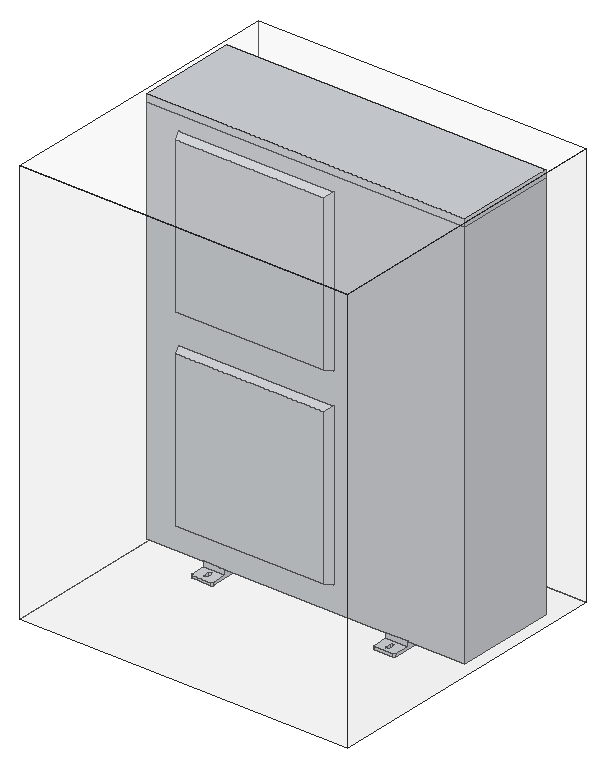
Revit family "puz-hrmp80_160ka7_50hz", category 機械設備, Revit 2019
Family settings
  丸型コネクタ寸法 = 直径を使用
  パーツ タイプ = 標準
  OmniClass 番号 = 23.75.10.24.21.27.27
  OmniClass タイトル = Split System Air Conditioning Units
  作業面ベース = いいえ
  常に垂直 = はい
  ロード時にボイドで切り取り = いいえ
  共有 = いいえ
  部屋計算ポイント = いいえ
Parameters (values of type "室外機_PUZ-HRMP80KA7 (-BS,BSG)")
  音響パワーレベル（冷）(dB) = 66
  音響パワーレベル(dB) = 68
  電源種別 = ""
  電源位置Y = 2 mm
  電源位置Z = 1063 mm
  電源位置X = 325 mm
  電圧 = 200 V
  電動機出力_送風機 = 0.12 kW
  電動機出力_圧縮機 = 1.5 kW
  集中コントローラ [instance] = ""
  運転質量 = 0.00 kg
  運転方法 = "冷暖切替"
  質量 = if(製品質量 > 運転質量, 製品質量, 運転質量) * 1.2  # 135.60 kg
  負荷分類 = 1_熱源類
  説明 = "空冷H/P PAC インバータ室外機"
  設計暖房能力 [instance] = 0 kW
  設計冷房能力_顕熱 [instance] = 0 kW
  設計冷房能力 [instance] = 0 kW
  設置方法 = "床置形"
  記号 [instance] = ""
  製造元 = "三菱電機株式会社"
  製品質量 = 113.00 kg
  製品出荷対象 = "国内"
  製品リリース年月 = ""
  製品グループ = ""
  系統 [instance] = ""
  符号 = "PAC"
  積算_科目 = "1 空気調和設備"
  積算_拾い区分 [instance] = ""
  相 = 3
  盤記号 [instance] = ""
  発停方法 = "付属スイッチ"
  特殊仕様 [instance] = ""
  消費電力_暖房 = 1.92 kW
  消費電力_冷房 = 1.77 kW
  消費電力 = if(消費電力_冷房 > 消費電力_暖房, 消費電力_冷房, 消費電力_暖房)  # 1.92 kW
  法定耐用年数 = "6"
  構成品番 = "PUZ-HRMP80KA7 (-BS,-BSG)"
  極数 = 3
  材質 [instance] = ""
  本体マテリアル = none
  最小電線太さ_mm2 = 1.6
  最大電流値 = 0 A
  暖房能力 = 8 kW
  推奨ブレーカー容量 = 30 A
  据付ピッチ1 = 0 mm
  形式 = "パッケージ形 室外機"
  形名 = PUZ-ZRMP-3 : PUZ-ZRMP112KA11
  幹線記号 [instance] = ""
  始動方式 = "インバータ始動方式"
  呼称 = "パッケージ形空気調和機_室外機"
  周波数 = 50 Hz
  価格 = 0
  ドレン　位置Z = 23 mm
  ドレン　位置Y = 176 mm
  ドレン　位置X = 45 mm
  アンカーボルト位置Y = 370 mm
  アンカーボルト位置X = 600 mm
  参照している仕様書等のバージョン = "公共建築物標準仕様書（機械設備工事編）平成31年度版"
  分類コード = "50053003126100"
  分類グループ = ""
  冷房能力 = 7.1 kW
  冷媒管（ガス）位置X = 483 mm
  冷媒管（液）位置X = 423 mm
  冷媒管（液）位置Y = 290 mm
  冷媒管（ガス）位置Y = 234 mm
  冷媒管長 [instance] = 0 mm
  冷媒管径符号 = "Bd"
  冷媒管径 = 100.00 mm
  冷媒管位置Z = 450 mm
  冷媒管位置Y = (冷媒管（液）位置Y + 冷媒管（ガス）位置Y) / 2  # 262 mm
  冷媒管位置X = (冷媒管（液）位置X + 冷媒管（ガス）位置X) / 2  # 453 mm
  冷媒液管径 = 9.52 mm
  冷媒ガス管径 = 15.88 mm
  企業コード = "108420"
  付属品 [instance] = ""
  仕様書バージョン = "Version1.0"
  ユニット数 = 1
  Model = ""
  ドレン管径 = 33.00 mm
  サービススペース = yes
  コメント [instance] = ""
  ケーブル種類1 = ""
  【値が 0 の項目は組合せ形名にてご確認ください】 = ""
  Width = 1050 mm
  Version = ""
  Uniclass2015Version = "Systems v1.9"
  Uniclass2015Title = "Split coil remote air cooled condensing units"
  Uniclass2015Code = "Pr_70_65_03_84"
  URL = "https://www.mitsubishielectric.co.jp/ldg/wink/ssl/top.do"
  SpecificationReference = ""
  SpecificationDescription = ""
  Revision = ""
  ProductInformation = ""
  OmniClassCode = "23-33 17 13 11"
  IfcTypeProduct = ""
  IfcProduct = ""
  IfcExportType = "AIRCONDITIONINGUNIT"
  IfcExportAs = "IfcUnitaryEquipmentType"
  Height = 1338 mm
  Depth = 330 mm
  Clearance Top = 0 mm
  Clearance Right = 15 mm
  Clearance Left = 15 mm
  Clearance Front = 500 mm
  Clearance Bottom = 0 mm
  Clearance Back = 150 mm
  COP = 0
  Author = "三菱電機株式会社"
  APF = 0
Reference planes
  plane 1 "中心(正面/背面)": y = 74
  plane 2: z = 0
  plane 3 "中心(左/右)": x = 830
  plane 4 "右": x = 1355
  plane 5 "左": x = 305
  plane 6 "背面": y = 239
  plane 7 "正面": y = -91
  plane 8 "上部": z = 1338
  plane 9 "Clearanse Top": z = 1338
  plane 10 "SS_back": y = 389
  plane 11 "SS_front": y = -591
  plane 12 "SS_left": x = 290
  plane 13 "SS_right": x = 1370
  plane 14: z = 0
  plane 15: y = -89
  plane 16: x = 1155
  plane 17: z = 1063
  plane 18: y = -87
  plane 19: y = -23
  plane 20: x = 1283
  plane 21: z = 450
  plane 22: z = 452
  plane 23: y = 63
  plane 24: x = 350
  plane 25: z = 25
  plane 26: z = 23
  plane 27: x = 530
  plane 28: x = 1130
  plane 29: y = 259
  plane 30: y = -111
Forms (mm)
  Extrusion 1, solid, detail levels fine
    sketch origin (0, -91, 0) x (1, 0, 0) y (0, 0, 1)
      loop
        circle (1155, 1063) r 13.5
    from -4 to -2
  Extrusion 2, solid, detail levels fine
    sketch origin (-1437.329, -1524, 54) x (-1, 0, 0) y (0, -1, 0)
      loop
        circle (-2720.329, -1501) r 50
    from 396 to 398
  Extrusion 3, solid, detail levels fine
    sketch origin (-1437.329, -1524, 54) x (-1, 0, 0) y (0, -1, 0)
      loop
        circle (-1787.329, -1587) r 16.5
    from -31 to -29
Lines and regions (mm)
  model lines, not visible
    curve 1: line (460, 178.667, 1289.179) -> (460, 297.73, 1289.179)
    curve 2: line (460, 178.667, 1056.056) -> (460, 178.667, 1289.179)
    curve 3: line (460, 297.73, 1056.056) -> (460, 178.667, 1056.056)
    curve 4: line (460, 297.73, 1289.179) -> (460, 297.73, 1056.056)
    curve 5: line (460, 47.598, 1289.179) -> (460, 166.661, 1289.179)
    curve 6: line (460, 47.598, 1056.056) -> (460, 47.598, 1289.179)
    curve 7: line (460, 166.661, 1056.056) -> (460, 47.598, 1056.056)
    curve 8: line (460, 166.661, 1289.179) -> (460, 166.661, 1056.056)
    curve 9: line (460, -83.471, 1289.179) -> (460, 35.592, 1289.179)
    curve 10: line (460, -83.471, 1056.056) -> (460, -83.471, 1289.179)
    curve 11: line (460, 35.592, 1056.056) -> (460, -83.471, 1056.056)
    curve 12: line (460, 35.592, 1289.179) -> (460, 35.592, 1056.056)
    curve 13: line (460, -150.779, 1289.179) -> (460, -95.75, 1289.179)
    curve 14: line (460, -150.779, 1056.056) -> (460, -150.779, 1289.179)
    curve 15: line (460, -95.75, 1056.056) -> (460, -150.779, 1056.056)
    curve 16: line (460, -95.75, 1289.179) -> (460, -95.75, 1056.056)
    curve 17: line (460, -150.779, 1283.175) -> (460, -132.596, 1283.175)
    curve 18: line (460, -150.779, 1062.059) -> (460, -150.779, 1283.175)
    curve 19: line (460, -132.596, 1062.059) -> (460, -150.779, 1062.059)
    curve 20: line (460, -132.596, 1283.175) -> (460, -132.596, 1062.059)
    curve 21: line (460, 178.667, 1046.051) -> (460, 297.73, 1046.051)
    curve 22: line (460, 178.667, 812.928) -> (460, 178.667, 1046.051)
    curve 23: line (460, 297.73, 812.928) -> (460, 178.667, 812.928)
    curve 24: line (460, 297.73, 1046.051) -> (460, 297.73, 812.928)
    curve 25: line (460, 47.598, 1046.051) -> (460, 166.661, 1046.051)
    curve 26: line (460, 47.598, 812.928) -> (460, 47.598, 1046.051)
    curve 27: line (460, 166.661, 812.928) -> (460, 47.598, 812.928)
    curve 28: line (460, 166.661, 1046.051) -> (460, 166.661, 812.928)
    curve 29: line (460, -83.471, 1046.051) -> (460, 35.592, 1046.051)
    curve 30: line (460, -83.471, 812.928) -> (460, -83.471, 1046.051)
    curve 31: line (460, 35.592, 812.928) -> (460, -83.471, 812.928)
    curve 32: line (460, 35.592, 1046.051) -> (460, 35.592, 812.928)
    curve 33: line (460, -150.779, 1046.051) -> (460, -95.75, 1046.051)
    curve 34: line (460, -150.779, 812.928) -> (460, -150.779, 1046.051)
    curve 35: line (460, -95.75, 812.928) -> (460, -150.779, 812.928)
    curve 36: line (460, -95.75, 1046.051) -> (460, -95.75, 812.928)
    curve 37: line (460, -150.779, 1040.048) -> (460, -132.596, 1040.048)
    curve 38: line (460, -150.779, 818.931) -> (460, -150.779, 1040.048)
    curve 39: line (460, -132.596, 818.931) -> (460, -150.779, 818.931)
    curve 40: line (460, -132.596, 1040.048) -> (460, -132.596, 818.931)
    curve 41: line (460, 178.667, 802.923) -> (460, 297.73, 802.923)
    curve 42: line (460, 178.667, 569.8) -> (460, 178.667, 802.923)
    curve 43: line (460, 297.73, 569.8) -> (460, 178.667, 569.8)
    curve 44: line (460, 297.73, 802.923) -> (460, 297.73, 569.8)
    curve 45: line (460, 47.598, 802.923) -> (460, 166.661, 802.923)
    curve 46: line (460, 47.598, 569.8) -> (460, 47.598, 802.923)
    curve 47: line (460, 166.661, 569.8) -> (460, 47.598, 569.8)
    curve 48: line (460, 166.661, 802.923) -> (460, 166.661, 569.8)
    curve 49: line (460, -83.471, 802.923) -> (460, 35.592, 802.923)
    curve 50: line (460, -83.471, 569.8) -> (460, -83.471, 802.923)
    curve 51: line (460, 35.592, 569.8) -> (460, -83.471, 569.8)
    curve 52: line (460, 35.592, 802.923) -> (460, 35.592, 569.8)
    curve 53: line (460, -150.779, 802.923) -> (460, -95.75, 802.923)
    curve 54: line (460, -150.779, 569.8) -> (460, -150.779, 802.923)
    curve 55: line (460, -95.75, 569.8) -> (460, -150.779, 569.8)
    curve 56: line (460, -95.75, 802.923) -> (460, -95.75, 569.8)
    curve 57: line (460, -150.779, 796.92) -> (460, -132.596, 796.92)
    curve 58: line (460, -150.779, 575.803) -> (460, -150.779, 796.92)
    curve 59: line (460, -132.596, 575.803) -> (460, -150.779, 575.803)
    curve 60: line (460, -132.596, 796.92) -> (460, -132.596, 575.803)
    curve 61: line (460, 178.667, 559.795) -> (460, 297.73, 559.795)
    curve 62: line (460, 178.667, 326.672) -> (460, 178.667, 559.795)
    curve 63: line (460, 297.73, 326.672) -> (460, 178.667, 326.672)
    curve 64: line (460, 297.73, 559.795) -> (460, 297.73, 326.672)
    curve 65: line (460, 47.598, 559.795) -> (460, 166.661, 559.795)
    curve 66: line (460, 47.598, 326.672) -> (460, 47.598, 559.795)
    curve 67: line (460, 166.661, 326.672) -> (460, 47.598, 326.672)
    curve 68: line (460, 166.661, 559.795) -> (460, 166.661, 326.672)
    curve 69: line (460, -83.471, 559.795) -> (460, 35.592, 559.795)
    curve 70: line (460, -83.471, 326.672) -> (460, -83.471, 559.795)
    curve 71: line (460, 35.592, 326.672) -> (460, -83.471, 326.672)
    curve 72: line (460, 35.592, 559.795) -> (460, 35.592, 326.672)
    curve 73: line (460, -150.779, 559.795) -> (460, -95.75, 559.795)
    curve 74: line (460, -150.779, 326.672) -> (460, -150.779, 559.795)
    curve 75: line (460, -95.75, 326.672) -> (460, -150.779, 326.672)
    curve 76: line (460, -95.75, 559.795) -> (460, -95.75, 326.672)
    curve 77: line (460, -150.779, 553.792) -> (460, -132.596, 553.792)
    curve 78: line (460, -150.779, 332.675) -> (460, -150.779, 553.792)
    curve 79: line (460, -132.596, 332.675) -> (460, -150.779, 332.675)
    curve 80: line (460, -132.596, 553.792) -> (460, -132.596, 332.675)
    curve 81: line (460, 178.667, 316.667) -> (460, 297.73, 316.667)
    curve 82: line (460, 178.667, 83.544) -> (460, 178.667, 316.667)
    curve 83: line (460, 297.73, 83.544) -> (460, 178.667, 83.544)
    curve 84: line (460, 297.73, 316.667) -> (460, 297.73, 83.544)
    curve 85: line (460, 47.598, 316.667) -> (460, 166.661, 316.667)
    curve 86: line (460, 47.598, 83.544) -> (460, 47.598, 316.667)
    curve 87: line (460, 166.661, 83.544) -> (460, 47.598, 83.544)
    curve 88: line (460, 166.661, 316.667) -> (460, 166.661, 83.544)
    curve 89: line (460, -83.471, 316.667) -> (460, 35.592, 316.667)
    curve 90: line (460, -83.471, 83.544) -> (460, -83.471, 316.667)
    curve 91: line (460, 35.592, 83.544) -> (460, -83.471, 83.544)
    curve 92: line (460, 35.592, 316.667) -> (460, 35.592, 83.544)
    curve 93: line (460, -150.779, 316.667) -> (460, -95.75, 316.667)
    curve 94: line (460, -150.779, 83.544) -> (460, -150.779, 316.667)
    curve 95: line (460, -95.75, 83.544) -> (460, -150.779, 83.544)
    curve 96: line (460, -95.75, 316.667) -> (460, -95.75, 83.544)
    curve 97: line (460, -150.779, 310.664) -> (460, -132.596, 310.664)
    curve 98: line (460, -150.779, 89.547) -> (460, -150.779, 310.664)
    curve 99: line (460, -132.596, 89.547) -> (460, -150.779, 89.547)
    curve 100: line (460, -132.596, 310.664) -> (460, -132.596, 89.547)
Dimensions and locks
  equal spacing: plane 7 "正面", plane 1 "中心(正面/背面)", plane 6 "背面"
  "Depth": plane 7 "正面" to plane 6 "背面"
  "Width": plane 5 "左" to plane 4 "右"
  equal spacing: plane 5 "左", plane 3 "中心(左/右)", plane 4 "右"
  "Clearance Left": plane 12 "SS_left" to plane 5 "左"
  "Clearance Right": plane 4 "右" to plane 13 "SS_right"
  "Clearance Back": plane 6 "背面" to plane 10 "SS_back"
  "Clearance Front": plane 11 "SS_front" to plane 7 "正面"
  "Height": plane 8 "上部" to level
  "Clearance Top": plane 9 "Clearanse Top" to plane 8 "上部"
  "Clearance Bottom": level to plane 14
  "電源位置X": plane 3 "中心(左/右)" to plane 16
  "電源位置Y": plane 7 "正面" to plane 15
  "電源位置Z": plane 17 to level
  locked: plane 15 to plane 18 at 2
  "冷媒管位置X": plane 3 "中心(左/右)" to plane 20
  "冷媒管位置Y": plane 19 to plane 6 "背面"
  "冷媒管位置Z": plane 21 to level
  locked: plane 22 to plane 21 at 2
  "ドレン　位置X": plane 5 "左" to plane 24
  "ドレン　位置Y": plane 23 to plane 6 "背面"
  locked: plane 25 to plane 26 at 2
  "ドレン　位置Z": plane 26 to level
  equal spacing: plane 30, plane 1 "中心(正面/背面)", plane 29
  "アンカーボルト位置Y": plane 30 to plane 29
  equal spacing: plane 27, plane 3 "中心(左/右)", plane 28
  "アンカーボルト位置X": plane 27 to plane 28
  radius of Extrusion 1 sketch curve = 13.5 mm
  "冷媒管径": diameter of Extrusion 2 sketch curve
  "ドレン管径": diameter of Extrusion 3 sketch curve
  aligned and locked: level to plane 2
  aligned and locked: plane 10 "SS_back" to nested 1  (x2)
  aligned and locked: plane 13 "SS_right" to nested 1
  aligned and locked: plane 12 "SS_left" to nested 1  (x2)
  aligned and locked: nested 1 to plane 13 "SS_right"
  aligned and locked: plane 11 "SS_front" to nested 1
  aligned and locked: plane 9 "Clearanse Top" to nested 1
  aligned and locked: plane 1 "中心(正面/背面)" to nested 2
  aligned and locked: plane 3 "中心(左/右)" to nested 2
  aligned and locked: plane 14 to nested 1
  aligned and locked: plane 17 to Extrusion 1 sketch curve
  aligned and locked: plane 16 to Extrusion 1 sketch curve
  aligned and locked: Extrusion 1 to plane 18
  aligned and locked: plane 15 to Extrusion 1
  aligned and locked: plane 19 to Extrusion 2 sketch curve
  aligned and locked: plane 20 to Extrusion 2 sketch curve
  aligned and locked: plane 22 to Extrusion 2
  aligned and locked: Extrusion 2 to plane 21
  aligned and locked: plane 24 to Extrusion 3 sketch curve
  aligned and locked: plane 23 to Extrusion 3 sketch curve
  aligned and locked: plane 25 to Extrusion 3
  aligned and locked: Extrusion 3 to plane 26
  aligned and locked: plane 27 to nested 3
  aligned and locked: plane 29 to nested 3
Nested families
  nested 1: "サービススペース" at (830, -101, 669), visible <- "サービススペース", type "サービススペース"
    with Width 1080 mm, Height 1338 mm, Depth 980 mm
  nested 2: "PUZ-ZRMP-3" at (830, 74, 0), type <- "形名", type "PUZ-ZRMP112KA11"
  nested 3: "固定点" at (530, -111, 0), type "固定点"
    with W 600 mm, D 370 mm
Connectors
  piping at (1283, -23, 450), diameter 100, driven by "冷媒管径", driven by "冷媒管径符号"
    settings: on Extrusion 2, index 1, connector inside diameter 609.60 mm, connector length 0 mm, flow factor 0, pipe flow 0.0 L/s, pressure drop 0.0 Pa, fitting loss kfactor 0, connector angle 0.00°, fixture units 0, engagement length 0 mm, angle of deflection 0.00°, flow configuration 1, flow direction 2, fitting loss method 4, system type 7, joint type 0, gender type 0, connector reference index -1, connector utility 0, adjustable connector no, is connector primary yes, connector description "Bd"
  electrical at (1155, -89, 1063), driven by "極数", driven by "負荷分類", driven by "電圧", driven by "消費電力"
    settings: on Extrusion 1, index 2, voltage 200 V, apparent load 1920 VA, apparent load phase1 0 VA, apparent load phase2 0 VA, apparent load phase3 0 VA, power factor 1, load classification "1_熱源類", number of poles 3, system type 30, power factor state 1, is connector primary yes, connector utility no, sub classification motor no, connector description ""
Definition of nested family "サービススペース"
  Parameters (values of type "サービススペース")
    Width [instance] = 500 mm
    Height [instance] = 500 mm
    Depth [instance] = 500 mm
  Reference planes
    plane 1 "中心(正面/背面)": y = 0
    plane 2: z = 0
    plane 3 "中心(左/右)": x = 0
    plane 4: y = -250
    plane 5: x = 250
    plane 6: y = 250
    plane 7: x = -250
    plane 8: z = 250
    plane 9: z = -250
  Forms (mm)
    Extrusion 1, solid
      sketch origin (-638.939, 0, 72.39) x (1, 0, 0) y (0, 1, 0)
        loop
          line (388.939, 250) -> (388.939, -250) -> (888.939, -250) -> (888.939, 250) -> (388.939, 250)
      from -322.39 to 177.61
  Lines and regions (mm)
    symbolic lines
      curve 1: line (-250, 0, 250) -> (250, 0, 250)
      curve 2: line (-250, 0, -250) -> (-250, 0, 250)
      curve 3: line (250, 0, -250) -> (-250, 0, -250)
      curve 4: line (250, 0, 250) -> (250, 0, -250)
      curve 5: line (0, -250, 250) -> (0, 250, 250)
      curve 6: line (0, -250, -250) -> (0, -250, 250)
      curve 7: line (0, 250, -250) -> (0, -250, -250)
      curve 8: line (0, 250, 250) -> (0, 250, -250)
      curve 9: line (-250, 250, 0) -> (250, 250, 0)
      curve 10: line (-250, -250, 0) -> (-250, 250, 0)
      curve 11: line (250, -250, 0) -> (-250, -250, 0)
      curve 12: line (250, 250, 0) -> (250, -250, 0)
  Dimensions and locks
    equal spacing: plane 7, plane 3 "中心(左/右)", plane 5
    equal spacing: plane 4, plane 1 "中心(正面/背面)", plane 6
    "Depth": plane 4 to plane 6
    "Width": plane 7 to plane 5
    equal spacing: plane 8, plane 2, plane 9
    "Height": plane 8 to plane 9
    aligned and locked: plane 9 to curve 3
    aligned and locked: plane 7 to curve 2
    aligned and locked: curve 4 to plane 5
    aligned and locked: plane 5 to Extrusion 1
    aligned and locked: Extrusion 1 to plane 7
    aligned and locked: Extrusion 1 to plane 9
    aligned and locked: plane 8 to Extrusion 1
    aligned and locked: plane 9 to curve 7
  Automatic sketch dimensions
    plane 4 to Extrusion 1 sketch curve = 0 mm
    Extrusion 1 sketch curve to plane 7 = 0 mm
    Extrusion 1 sketch curve to plane 5 = 0 mm
    plane 6 to Extrusion 1 sketch curve = 0 mm
    curve 2 to plane 8 = 0 mm
    plane 4 to curve 11 = 0 mm
    curve 11 to plane 7 = 0 mm
    curve 11 to plane 5 = 0 mm
    plane 6 to curve 10 = 0 mm
    curve 7 to plane 4 = 0 mm
    curve 7 to plane 6 = 0 mm
    curve 6 to plane 8 = 0 mm
Definition of nested family "PUZ-ZRMP-3"
  Parameters (values of type "PUZ-ZRMP112KA11")
    配線取出口サイズ = 27 mm
    配線取出口-Z = 1063 mm
    配線取出口-Y = 325 mm
    配線取出口-X = 325 mm
    液配管サイズ = 100 mm
    高さ = 1338 mm
    換気-W = 362 mm
    換気-H2 = 632 mm
    換気-H1 = 369 mm
    換気-D = 25 mm
    奥行き = 330 mm
    吊りボルト_H = 0 mm
    吊りボルト-φ = 12 mm
    冷媒配管サイズ = 9.52 mm
    冷媒液管径-Z = 450 mm
    冷媒液管径-Y = 290 mm
    冷媒液管径-X = 423 mm
    冷媒ガス管径-Z = 421 mm
    冷媒ガス管径-Y = 234 mm
    冷媒ガス管径-X = 483 mm
    吊りボルト-W = 600 mm
    マテリアル = none
    ドレン配管サイズ = 33 mm
    ドレン管径-Z = 0 mm
    ドレン管径-Y = 154 mm
    ドレン管径-X = 480 mm
    タイプ3 = yes
    タイプ2 = no
    タイプ1 = no
    ガス配管サイズ = 15.88 mm
    吊りボルト-D = 370 mm
    幅さ = 1050 mm
    a = 幅さ / 2  # 525 mm
  Reference planes
    plane 1 "中心(正面/背面)": y = 0
    plane 2: z = 0
    plane 3 "中心(左/右)": x = 0
    plane 4: z = 1338
    plane 5: x = -525
    plane 6: x = 525
    plane 7: y = 165
    plane 8: y = -165
    plane 9: x = 587
    plane 10: y = -105
    plane 11: y = 5
    plane 12: z = 1313
    plane 13: x = -545
    plane 14: x = -300
    plane 15: x = 300
    plane 16: y = 185
    plane 17: y = -185
    plane 18: x = 335
    plane 19: x = 265
    plane 20: x = -265
    plane 21: x = -335
    plane 22: y = 204
    plane 23: y = -218
    plane 24: z = 8.5
    plane 25: z = 25
    plane 26: z = 23
    plane 27: z = 1333
    plane 28: y = -40
    plane 29: y = 40
    plane 30: y = -30
    plane 31: y = 30
    plane 32: z = 1318
    plane 33: z = 55
    plane 34: z = 225
    plane 35: z = 570
    plane 36: x = 535
    plane 37: x = 556
    plane 38: y = -190
    plane 39: x = -163
    plane 40: z = 369
    plane 41: x = 91
    plane 42: x = -417
    plane 43: z = 633
    plane 44: z = 105
    plane 45: x = -407
    plane 46: x = 81
    plane 47: z = 623
    plane 48: z = 115
    plane 49: y = 115
    plane 50: y = -115
    plane 51: x = -480
    plane 52: y = -11
    plane 53: x = 483
    plane 54: x = 325
    plane 55: y = -160
    plane 56: y = -125
    plane 57: y = -69
    plane 58: x = 423
    plane 59: z = 421
    plane 60: z = 450
    plane 61: z = 1063
    plane 62: y = -110
    plane 63: z = 550
    plane 64: z = 550
    plane 65: x = 453
    plane 66: y = -97
    plane 67 "グループ": x = -525
    plane 68: z = 1338
    plane 69: z = 943
    plane 70: z = 1001
    plane 71: z = 1265
    plane 72: z = 737
    plane 73: z = 1255
    plane 74: z = 747
    plane 75: y = 125
    plane 76: x = -370
    plane 77: x = -210
    plane 78: x = -50
    plane 79: x = 110
  Forms (mm)
    Extrusion 1, solid, visible <- "タイプ3", detail levels fine
      sketch origin (-1437.329, -1524, 1338) x (-1, 0, 0) y (0, -1, 0)
        loop
          line (-1102.329, -1689) -> (-1102.329, -1359) -> (-1172.329, -1359) -> (-1172.329, -1689) -> (-1102.329, -1689)
        loop
          line (-1702.329, -1689) -> (-1702.329, -1359) -> (-1772.329, -1359) -> (-1772.329, -1689) -> (-1702.329, -1689)
      from -1338 to -1313
    Extrusion 2, solid, material <- "マテリアル", visible <- "タイプ3", detail levels fine
      sketch origin (-1437.329, -1524, 1338) x (-1, 0, 0) y (0, -1, 0)
        loop
          line (-1962.329, -1689) -> (-912.329, -1689) -> (-912.329, -1359) -> (-1962.329, -1359) -> (-1962.329, -1689)
      from -1313 to -25
    Extrusion 3, solid, material <- "マテリアル", visible <- "タイプ3", detail levels fine
      sketch origin (-1437.329, -1524, 1338) x (-1, 0, 0) y (0, -1, 0)
        loop
          line (-912.329, -1689) -> (-912.329, -1359) -> (-1962.329, -1359) -> (-1962.329, -1689) -> (-912.329, -1689)
      from -25 to 0
    Blend 4, solid, material <- "マテリアル", visible <- "タイプ3", detail levels fine
      base sketch origin (0, 0, 0) x (1, 0, 0) y (0, 0, 1)
        loop
          line (-417, 633) -> (-417, 105) -> (91, 105) -> (91, 633) -> (-417, 633)
      top sketch origin (0, 0, 0) x (1, 0, 0) y (0, 0, 1)
        loop
          line (-407, 623) -> (-407, 115) -> (81, 115) -> (81, 623) -> (-407, 623)
      from 165 to 190
    Extrusion 5, solid, material <- "マテリアル", visible <- "タイプ3", detail levels fine
      sketch origin (-1437.329, -1524, 1338) x (-1, 0, 0) y (0, -1, 0)
        loop
          circle (-1920.329, -1455) r 7.94
      from -917 to -788
    Extrusion 6, solid, material <- "マテリアル", visible <- "タイプ3", detail levels fine
      sketch origin (-1437.329, -1524, 1338) x (-1, 0, 0) y (0, -1, 0)
        loop
          circle (-1860.329, -1399) r 4.76
      from -888 to -788
    Extrusion 7, solid, material <- "マテリアル", visible <- "タイプ3", detail levels fine
      sketch origin (1480.036, -190, 1200) x (1, 0, 0) y (0, 0, 1)
        loop
          circle (-1155.036, -137) r 13.5
      from -80 to -30
    Extrusion 8, solid, material <- "マテリアル", visible <- "タイプ3", detail levels fine
      sketch origin (-1437.329, -1524, 1338) x (-1, 0, 0) y (0, -1, 0)
        loop
          circle (-1890.329, -1427) r 50
      from -888 to -788
    Blend 9, solid, material <- "マテリアル", visible <- "タイプ3", detail levels fine
      base sketch origin (1480.036, -190, 1200) x (1, 0, 0) y (0, 0, 1)
        loop
          line (-1897.036, 65) -> (-1897.036, -463) -> (-1389.036, -463) -> (-1389.036, 65) -> (-1897.036, 65)
      top sketch origin (1480.036, -190, 1200) x (1, 0, 0) y (0, 0, 1)
        loop
          line (-1887.036, 55) -> (-1887.036, -453) -> (-1399.036, -453) -> (-1399.036, 55) -> (-1887.036, 55)
      from -25 to 0
    Extrusion 10, solid, visible <- "タイプ3", detail levels fine
      sketch origin (-1437.329, -1524, 1338) x (-1, 0, 0) y (0, -1, 0)
        loop
          line (-1102.329, -1728) -> (-1102.329, -1689) -> (-1172.329, -1689) -> (-1172.329, -1728) -> (-1143.329, -1728) -> (-1143.329, -1709)
          arc (-1143.329, -1709) -> (-1137.329, -1703) -> (-1131.329, -1709) r 6
          line (-1131.329, -1709) -> (-1131.329, -1728) -> (-1102.329, -1728)
        loop
          line (-1102.329, -1359) -> (-1102.329, -1311)
          arc (-1102.329, -1311) -> (-1103.794, -1307.464) -> (-1107.329, -1306) r 5
          line (-1107.329, -1306) -> (-1167.329, -1306)
          arc (-1167.329, -1306) -> (-1170.865, -1307.464) -> (-1172.329, -1311) r 5
          line (-1172.329, -1311) -> (-1172.329, -1359) -> (-1102.329, -1359)
        loop
          arc (-1143.329, -1339) -> (-1137.329, -1345) -> (-1131.329, -1339) r 6
          line (-1131.329, -1339) -> (-1131.329, -1324)
          arc (-1131.329, -1324) -> (-1137.329, -1318) -> (-1143.329, -1324) r 6
          line (-1143.329, -1324) -> (-1143.329, -1339)
        loop
          line (-1772.329, -1728) -> (-1743.329, -1728) -> (-1743.329, -1709)
          arc (-1743.329, -1709) -> (-1737.329, -1703) -> (-1731.329, -1709) r 6
          line (-1731.329, -1709) -> (-1731.329, -1728) -> (-1702.329, -1728) -> (-1702.329, -1689) -> (-1772.329, -1689) -> (-1772.329, -1728)
        loop
          line (-1772.329, -1359) -> (-1702.329, -1359) -> (-1702.329, -1311)
          arc (-1702.329, -1311) -> (-1703.794, -1307.464) -> (-1707.329, -1306) r 5
          line (-1707.329, -1306) -> (-1767.329, -1306)
          arc (-1767.329, -1306) -> (-1770.865, -1307.464) -> (-1772.329, -1311) r 5
          line (-1772.329, -1311) -> (-1772.329, -1359)
        loop
          line (-1731.329, -1339) -> (-1731.329, -1324)
          arc (-1731.329, -1324) -> (-1737.329, -1318) -> (-1743.329, -1324) r 6
          line (-1743.329, -1324) -> (-1743.329, -1339)
          arc (-1743.329, -1339) -> (-1737.329, -1345) -> (-1731.329, -1339) r 6
      from -1338 to -1329.5
    Extrusion 11, solid, material <- "マテリアル", visible <- "タイプ3", detail levels fine
      sketch origin (-1437.329, -1524, 1338) x (-1, 0, 0) y (0, -1, 0)
        loop
          circle (-957.329, -1513) r 16.5
        loop
          circle (-1067.329, -1649) r 16.5
        loop
          circle (-1227.329, -1649) r 16.5
        loop
          circle (-1387.329, -1649) r 16.5
        loop
          circle (-1547.329, -1649) r 16.5
      from -1315 to -1313
  Cuts and joins
    joined: Extrusion 1, Extrusion 10
  Lines and regions (mm)
    Masking region 1, visible <- "タイプ3", detail levels coarse+medium
      outline origin (-1437.329, -1524, 1338) x (-1, 0, 0) y (0, -1, 0)
        loop
          line (-1962.329, -1689) -> (-1772.329, -1689) -> (-1772.329, -1728) -> (-1702.329, -1728) -> (-1702.329, -1689) -> (-1172.329, -1689) -> (-1172.329, -1728) -> (-1102.329, -1728) -> (-1102.329, -1689) -> (-912.329, -1689) -> (-912.329, -1359) -> (-1020.329, -1359) -> (-1030.329, -1334) -> (-1102.329, -1334) -> (-1102.329, -1306) -> (-1172.329, -1306) -> (-1172.329, -1334) -> (-1518.329, -1334) -> (-1528.329, -1359) -> (-1702.329, -1359) -> (-1702.329, -1306) -> (-1772.329, -1306) -> (-1772.329, -1359) -> (-1962.329, -1359) -> (-1962.329, -1689)
    model lines, visible <- "タイプ3", detail levels fine
      curve 1: line (447, 115, 1338) -> (-445, 115, 1338)
      curve 2: line (-445, -115, 1338) -> (447, -115, 1338)
      curve 3: line (-445, -45, 1338) -> (447, -45, 1338)
      curve 4: line (447, 45, 1338) -> (-445, 45, 1338)
      curve 5: line (-445, -35, 1338) -> (447, -35, 1338)
      curve 6: line (447, 35, 1338) -> (-445, 35, 1338)
      curve 7: line (-445, 115, 1338) -> (-445, 45, 1338)
      curve 8: line (447, -115, 1338) -> (447, -45, 1338)
      curve 9: line (-445, 35, 1338) -> (-445, -35, 1338)
      curve 10: line (-445, -45, 1338) -> (-445, -115, 1338)
      curve 11: line (447, -35, 1338) -> (447, 35, 1338)
      curve 12: line (447, 45, 1338) -> (447, 115, 1338)
      curve 13: line (479, -115, 1338) -> (479, 115, 1338)
      curve 14: line (462, -115, 1338) -> (462, 115, 1338)
      curve 15: line (-475, 115, 1338) -> (-475, -115, 1338)
      curve 16: line (-460, 115, 1338) -> (-460, -115, 1338)
      curve 17: line (-460, 115, 1338) -> (-475, 115, 1338)
      curve 18: line (-460, -115, 1338) -> (-475, -115, 1338)
      curve 19: line (462, 115, 1338) -> (479, 115, 1338)
      curve 20: line (462, -115, 1338) -> (479, -115, 1338)
      curve 21: line (-407, -190, 416.5) -> (81, -190, 416.5)
      curve 22: line (81, -190, 321.5) -> (-407, -190, 321.5)
      curve 23: line (-407, -190, 511.5) -> (81, -190, 511.5)
      curve 24: line (-407, -190, 606.5) -> (81, -190, 606.5)
      curve 25: line (81, -190, 226.5) -> (-407, -190, 226.5)
      curve 26: line (81, -190, 131.5) -> (-407, -190, 131.5)
      curve 27: line (-389.571, -190, 623) -> (-389.571, -190, 115)
      curve 28: line (63.571, -190, 115) -> (63.571, -190, 623)
      curve 29: line (-372.143, -190, 623) -> (-372.143, -190, 115)
      curve 30: line (-354.714, -190, 623) -> (-354.714, -190, 115)
      curve 31: line (-337.286, -190, 623) -> (-337.286, -190, 115)
      curve 32: line (-319.857, -190, 623) -> (-319.857, -190, 115)
      curve 33: line (-302.429, -190, 623) -> (-302.429, -190, 115)
      curve 34: line (-285, -190, 623) -> (-285, -190, 115)
      curve 35: line (-267.571, -190, 623) -> (-267.571, -190, 115)
      curve 36: line (-250.143, -190, 623) -> (-250.143, -190, 115)
      curve 37: line (-232.714, -190, 623) -> (-232.714, -190, 115)
      curve 38: line (-215.286, -190, 623) -> (-215.286, -190, 115)
      curve 39: line (-197.857, -190, 623) -> (-197.857, -190, 115)
      curve 40: line (-180.429, -190, 623) -> (-180.429, -190, 115)
      curve 41: line (-163, -190, 623) -> (-163, -190, 115)
      curve 42: line (-145.571, -190, 623) -> (-145.571, -190, 115)
      curve 43: line (-128.143, -190, 623) -> (-128.143, -190, 115)
      curve 44: line (-110.714, -190, 623) -> (-110.714, -190, 115)
      curve 45: line (-93.286, -190, 623) -> (-93.286, -190, 115)
      curve 46: line (-75.857, -190, 623) -> (-75.857, -190, 115)
      curve 47: line (-58.429, -190, 623) -> (-58.429, -190, 115)
      curve 48: line (-41, -190, 623) -> (-41, -190, 115)
      curve 49: line (-23.571, -190, 623) -> (-23.571, -190, 115)
      curve 50: line (-6.143, -190, 623) -> (-6.143, -190, 115)
      curve 51: line (11.286, -190, 623) -> (11.286, -190, 115)
      curve 52: line (28.714, -190, 623) -> (28.714, -190, 115)
      curve 53: line (46.143, -190, 623) -> (46.143, -190, 115)
      curve 54: line (-525, -100, 87) -> (-525, -60, 87)
      curve 55: line (-525, -100, 277) -> (-525, -100, 87)
      curve 56: line (-525, -60, 277) -> (-525, -100, 277)
      curve 57: line (-525, -60, 87) -> (-525, -60, 277)
      curve 58: line (-525, -100, 292) -> (-525, -60, 292)
      curve 59: line (-525, -100, 482) -> (-525, -100, 292)
      curve 60: line (-525, -60, 482) -> (-525, -100, 482)
      curve 61: line (-525, -60, 292) -> (-525, -60, 482)
      curve 62: line (-525, -100, 497) -> (-525, -60, 497)
      curve 63: line (-525, -100, 687) -> (-525, -100, 497)
      curve 64: line (-525, -60, 687) -> (-525, -100, 687)
      curve 65: line (-525, -60, 497) -> (-525, -60, 687)
      curve 66: line (-525, -100, 702) -> (-525, -60, 702)
      curve 67: line (-525, -100, 892) -> (-525, -100, 702)
      curve 68: line (-525, -60, 892) -> (-525, -100, 892)
      curve 69: line (-525, -60, 702) -> (-525, -60, 892)
      curve 70: line (-525, 60, 87) -> (-525, 100, 87)
      curve 71: line (-525, 60, 277) -> (-525, 60, 87)
      curve 72: line (-525, 100, 277) -> (-525, 60, 277)
      curve 73: line (-525, 100, 87) -> (-525, 100, 277)
      curve 74: line (-525, -46.667, 87) -> (-525, -6.667, 87)
      curve 75: line (-525, -46.667, 277) -> (-525, -46.667, 87)
      curve 76: line (-525, -6.667, 277) -> (-525, -46.667, 277)
      curve 77: line (-525, -6.667, 87) -> (-525, -6.667, 277)
      curve 78: line (-525, 6.667, 87) -> (-525, 46.667, 87)
      curve 79: line (-525, 6.667, 277) -> (-525, 6.667, 87)
      curve 80: line (-525, 46.667, 277) -> (-525, 6.667, 277)
      curve 81: line (-525, 46.667, 87) -> (-525, 46.667, 277)
      curve 82: line (-525, 60, 292) -> (-525, 100, 292)
      curve 83: line (-525, 60, 482) -> (-525, 60, 292)
      curve 84: line (-525, 100, 482) -> (-525, 60, 482)
      curve 85: line (-525, 100, 292) -> (-525, 100, 482)
      curve 86: line (-525, 60, 702) -> (-525, 100, 702)
      curve 87: line (-525, 60, 892) -> (-525, 60, 702)
      curve 88: line (-525, 100, 892) -> (-525, 60, 892)
      curve 89: line (-525, 100, 702) -> (-525, 100, 892)
      curve 90: line (-525, -46.667, 292) -> (-525, -6.667, 292)
      curve 91: line (-525, -46.667, 482) -> (-525, -46.667, 292)
      curve 92: line (-525, -6.667, 482) -> (-525, -46.667, 482)
      curve 93: line (-525, -6.667, 292) -> (-525, -6.667, 482)
      curve 94: line (-525, -46.667, 497) -> (-525, -6.667, 497)
      curve 95: line (-525, -46.667, 687) -> (-525, -46.667, 497)
      curve 96: line (-525, -6.667, 687) -> (-525, -46.667, 687)
      curve 97: line (-525, -6.667, 497) -> (-525, -6.667, 687)
      curve 98: line (-525, -46.667, 702) -> (-525, -6.667, 702)
      curve 99: line (-525, -46.667, 892) -> (-525, -46.667, 702)
      curve 100: line (-525, -6.667, 892) -> (-525, -46.667, 892)
      curve 101: line (-525, -6.667, 702) -> (-525, -6.667, 892)
      curve 102: line (-525, 6.667, 292) -> (-525, 46.667, 292)
      curve 103: line (-525, 6.667, 482) -> (-525, 6.667, 292)
      curve 104: line (-525, 46.667, 482) -> (-525, 6.667, 482)
      curve 105: line (-525, 46.667, 292) -> (-525, 46.667, 482)
      curve 106: line (-525, 6.667, 497) -> (-525, 46.667, 497)
      curve 107: line (-525, 6.667, 687) -> (-525, 6.667, 497)
      curve 108: line (-525, 46.667, 687) -> (-525, 6.667, 687)
      curve 109: line (-525, 46.667, 497) -> (-525, 46.667, 687)
      curve 110: line (-525, 6.667, 702) -> (-525, 46.667, 702)
      curve 111: line (-525, 6.667, 892) -> (-525, 6.667, 702)
      curve 112: line (-525, 46.667, 892) -> (-525, 6.667, 892)
      curve 113: line (-525, 46.667, 702) -> (-525, 46.667, 892)
      curve 114: line (-525, -100, 907) -> (-525, -60, 907)
      curve 115: line (-525, -100, 1097) -> (-525, -100, 907)
      curve 116: line (-525, -60, 1097) -> (-525, -100, 1097)
      curve 117: line (-525, -60, 907) -> (-525, -60, 1097)
      curve 118: line (-525, 60, 907) -> (-525, 100, 907)
      curve 119: line (-525, 60, 1097) -> (-525, 60, 907)
      curve 120: line (-525, 100, 1097) -> (-525, 60, 1097)
      curve 121: line (-525, 100, 907) -> (-525, 100, 1097)
      curve 122: line (-525, -46.667, 907) -> (-525, -6.667, 907)
      curve 123: line (-525, -46.667, 1097) -> (-525, -46.667, 907)
      curve 124: line (-525, -6.667, 1097) -> (-525, -46.667, 1097)
      curve 125: line (-525, -6.667, 907) -> (-525, -6.667, 1097)
      curve 126: line (-525, 6.667, 907) -> (-525, 46.667, 907)
      curve 127: line (-525, 6.667, 1097) -> (-525, 6.667, 907)
      curve 128: line (-525, 46.667, 1097) -> (-525, 6.667, 1097)
      curve 129: line (-525, 46.667, 907) -> (-525, 46.667, 1097)
      curve 130: line (-525, -100, 1112) -> (-525, -60, 1112)
      curve 131: line (-525, -100, 1302) -> (-525, -100, 1112)
      curve 132: line (-525, -60, 1302) -> (-525, -100, 1302)
      curve 133: line (-525, -60, 1112) -> (-525, -60, 1302)
      curve 134: line (-525, 60, 1112) -> (-525, 100, 1112)
      curve 135: line (-525, 60, 1302) -> (-525, 60, 1112)
      curve 136: line (-525, 100, 1302) -> (-525, 60, 1302)
      curve 137: line (-525, 100, 1112) -> (-525, 100, 1302)
      curve 138: line (-525, -46.667, 1112) -> (-525, -6.667, 1112)
      curve 139: line (-525, -46.667, 1302) -> (-525, -46.667, 1112)
      curve 140: line (-525, -6.667, 1302) -> (-525, -46.667, 1302)
      curve 141: line (-525, -6.667, 1112) -> (-525, -6.667, 1302)
      curve 142: line (-525, 6.667, 1112) -> (-525, 46.667, 1112)
      curve 143: line (-525, 6.667, 1302) -> (-525, 6.667, 1112)
      curve 144: line (-525, 46.667, 1302) -> (-525, 6.667, 1302)
      curve 145: line (-525, 46.667, 1112) -> (-525, 46.667, 1302)
      curve 303: line (81, -190, 1238.5) -> (-407, -190, 1238.5)
      curve 304: line (-407, -190, 763.5) -> (81, -190, 763.5)
      curve 305: line (-389.571, -190, 1255) -> (-389.571, -190, 747)
      curve 306: line (81, -190, 858.5) -> (-407, -190, 858.5)
      curve 307: line (81, -190, 1143.5) -> (-407, -190, 1143.5)
      curve 308: line (81, -190, 1048.5) -> (-407, -190, 1048.5)
      curve 309: line (-407, -190, 953.5) -> (81, -190, 953.5)
      curve 310: line (-372.143, -190, 1255) -> (-372.143, -190, 747)
      curve 311: line (-354.714, -190, 1255) -> (-354.714, -190, 747)
      curve 312: line (-337.286, -190, 1255) -> (-337.286, -190, 747)
      curve 313: line (-319.857, -190, 1255) -> (-319.857, -190, 747)
      curve 314: line (-302.429, -190, 1255) -> (-302.429, -190, 747)
      curve 315: line (-285, -190, 1255) -> (-285, -190, 747)
      curve 316: line (-267.571, -190, 1255) -> (-267.571, -190, 747)
      curve 317: line (-250.143, -190, 1255) -> (-250.143, -190, 747)
      curve 318: line (-232.714, -190, 1255) -> (-232.714, -190, 747)
      curve 319: line (-215.286, -190, 1255) -> (-215.286, -190, 747)
      curve 320: line (-197.857, -190, 1255) -> (-197.857, -190, 747)
      curve 321: line (-180.429, -190, 1255) -> (-180.429, -190, 747)
      curve 322: line (-163, -190, 1255) -> (-163, -190, 747)
      curve 323: line (-145.571, -190, 1255) -> (-145.571, -190, 747)
      curve 324: line (-128.143, -190, 1255) -> (-128.143, -190, 747)
      curve 325: line (-110.714, -190, 1255) -> (-110.714, -190, 747)
      curve 326: line (-93.286, -190, 1255) -> (-93.286, -190, 747)
      curve 327: line (-75.857, -190, 1255) -> (-75.857, -190, 747)
      curve 328: line (-58.429, -190, 1255) -> (-58.429, -190, 747)
      curve 329: line (-41, -190, 1255) -> (-41, -190, 747)
      curve 330: line (-23.571, -190, 1255) -> (-23.571, -190, 747)
      curve 331: line (-6.143, -190, 1255) -> (-6.143, -190, 747)
      curve 332: line (11.286, -190, 1255) -> (11.286, -190, 747)
      curve 333: line (28.714, -190, 1255) -> (28.714, -190, 747)
      curve 334: line (46.143, -190, 1255) -> (46.143, -190, 747)
      curve 335: line (63.571, -190, 1255) -> (63.571, -190, 747)
    model lines, visible <- "タイプ3", not visible, detail levels fine
      curve 146: line (-525, -100, 907) -> (-525, -60, 907)
      curve 147: line (-525, -100, 1097) -> (-525, -100, 907)
      curve 148: line (-525, -60, 1097) -> (-525, -100, 1097)
      curve 149: line (-525, -60, 907) -> (-525, -60, 1097)
      curve 150: line (-525, 60, 907) -> (-525, 100, 907)
      curve 151: line (-525, 60, 1097) -> (-525, 60, 907)
      curve 152: line (-525, 100, 1097) -> (-525, 60, 1097)
      curve 153: line (-525, 100, 907) -> (-525, 100, 1097)
      curve 154: line (-525, -46.667, 907) -> (-525, -6.667, 907)
      curve 155: line (-525, -46.667, 1097) -> (-525, -46.667, 907)
      curve 156: line (-525, -6.667, 1097) -> (-525, -46.667, 1097)
      curve 157: line (-525, -6.667, 907) -> (-525, -6.667, 1097)
      curve 158: line (-525, 6.667, 907) -> (-525, 46.667, 907)
      curve 159: line (-525, 6.667, 1097) -> (-525, 6.667, 907)
      curve 160: line (-525, 46.667, 1097) -> (-525, 6.667, 1097)
      curve 161: line (-525, 46.667, 907) -> (-525, 46.667, 1097)
      curve 162: line (-525, -100, 1112) -> (-525, -60, 1112)
      curve 163: line (-525, -100, 1302) -> (-525, -100, 1112)
      curve 164: line (-525, -60, 1302) -> (-525, -100, 1302)
      curve 165: line (-525, -60, 1112) -> (-525, -60, 1302)
      curve 166: line (-525, 60, 1112) -> (-525, 100, 1112)
      curve 167: line (-525, 60, 1302) -> (-525, 60, 1112)
      curve 168: line (-525, 100, 1302) -> (-525, 60, 1302)
      curve 169: line (-525, 100, 1112) -> (-525, 100, 1302)
      curve 170: line (-525, -46.667, 1112) -> (-525, -6.667, 1112)
      curve 171: line (-525, -46.667, 1302) -> (-525, -46.667, 1112)
      curve 172: line (-525, -6.667, 1302) -> (-525, -46.667, 1302)
      curve 173: line (-525, -6.667, 1112) -> (-525, -6.667, 1302)
      curve 174: line (-525, 6.667, 1112) -> (-525, 46.667, 1112)
      curve 175: line (-525, 6.667, 1302) -> (-525, 6.667, 1112)
      curve 176: line (-525, 46.667, 1302) -> (-525, 6.667, 1302)
      curve 177: line (-525, 46.667, 1112) -> (-525, 46.667, 1302)
      curve 194: line (-525, -100, 87) -> (-525, -60, 87)
      curve 195: line (-525, -100, 277) -> (-525, -100, 87)
      curve 196: line (-525, -60, 277) -> (-525, -100, 277)
      curve 197: line (-525, -60, 87) -> (-525, -60, 277)
      curve 198: line (-525, -100, 292) -> (-525, -60, 292)
      curve 199: line (-525, -100, 482) -> (-525, -100, 292)
      curve 200: line (-525, -60, 482) -> (-525, -100, 482)
      curve 201: line (-525, -60, 292) -> (-525, -60, 482)
      curve 202: line (-525, -100, 497) -> (-525, -60, 497)
      curve 203: line (-525, -100, 687) -> (-525, -100, 497)
      curve 204: line (-525, -60, 687) -> (-525, -100, 687)
      curve 205: line (-525, -60, 497) -> (-525, -60, 687)
      curve 206: line (-525, -100, 702) -> (-525, -60, 702)
      curve 207: line (-525, -100, 892) -> (-525, -100, 702)
      curve 208: line (-525, -60, 892) -> (-525, -100, 892)
      curve 209: line (-525, -60, 702) -> (-525, -60, 892)
      curve 210: line (-525, 60, 87) -> (-525, 100, 87)
      curve 211: line (-525, 60, 277) -> (-525, 60, 87)
      curve 212: line (-525, 100, 277) -> (-525, 60, 277)
      curve 213: line (-525, 100, 87) -> (-525, 100, 277)
      curve 214: line (-525, -46.667, 87) -> (-525, -6.667, 87)
      curve 215: line (-525, -46.667, 277) -> (-525, -46.667, 87)
      curve 216: line (-525, -6.667, 277) -> (-525, -46.667, 277)
      curve 217: line (-525, -6.667, 87) -> (-525, -6.667, 277)
      curve 218: line (-525, 6.667, 87) -> (-525, 46.667, 87)
      curve 219: line (-525, 6.667, 277) -> (-525, 6.667, 87)
      curve 220: line (-525, 46.667, 277) -> (-525, 6.667, 277)
      curve 221: line (-525, 46.667, 87) -> (-525, 46.667, 277)
      curve 222: line (-525, 60, 292) -> (-525, 100, 292)
      curve 223: line (-525, 60, 482) -> (-525, 60, 292)
      curve 224: line (-525, 100, 482) -> (-525, 60, 482)
      curve 225: line (-525, 100, 292) -> (-525, 100, 482)
      curve 226: line (-525, 60, 702) -> (-525, 100, 702)
      curve 227: line (-525, 60, 892) -> (-525, 60, 702)
      curve 228: line (-525, 100, 892) -> (-525, 60, 892)
      curve 229: line (-525, 100, 702) -> (-525, 100, 892)
      curve 230: line (-525, -46.667, 292) -> (-525, -6.667, 292)
      curve 231: line (-525, -46.667, 482) -> (-525, -46.667, 292)
      curve 232: line (-525, -6.667, 482) -> (-525, -46.667, 482)
      curve 233: line (-525, -6.667, 292) -> (-525, -6.667, 482)
      curve 234: line (-525, -46.667, 497) -> (-525, -6.667, 497)
      curve 235: line (-525, -46.667, 687) -> (-525, -46.667, 497)
      curve 236: line (-525, -6.667, 687) -> (-525, -46.667, 687)
      curve 237: line (-525, -6.667, 497) -> (-525, -6.667, 687)
      curve 238: line (-525, -46.667, 702) -> (-525, -6.667, 702)
      curve 239: line (-525, -46.667, 892) -> (-525, -46.667, 702)
      curve 240: line (-525, -6.667, 892) -> (-525, -46.667, 892)
      curve 241: line (-525, -6.667, 702) -> (-525, -6.667, 892)
      curve 242: line (-525, 6.667, 292) -> (-525, 46.667, 292)
      curve 243: line (-525, 6.667, 482) -> (-525, 6.667, 292)
      curve 244: line (-525, 46.667, 482) -> (-525, 6.667, 482)
      curve 245: line (-525, 46.667, 292) -> (-525, 46.667, 482)
      curve 246: line (-525, 6.667, 497) -> (-525, 46.667, 497)
      curve 247: line (-525, 6.667, 687) -> (-525, 6.667, 497)
      curve 248: line (-525, 46.667, 687) -> (-525, 6.667, 687)
      curve 249: line (-525, 46.667, 497) -> (-525, 46.667, 687)
      curve 250: line (-525, 6.667, 702) -> (-525, 46.667, 702)
      curve 251: line (-525, 6.667, 892) -> (-525, 6.667, 702)
      curve 252: line (-525, 46.667, 892) -> (-525, 6.667, 892)
      curve 253: line (-525, 46.667, 702) -> (-525, 46.667, 892)
    model lines, visible <- "タイプ2", not visible
      curve 178: line (-600, -100, 33.5) -> (-600, -60, 33.5)
      curve 179: line (-600, -100, 73.5) -> (-600, -100, 33.5)
      curve 180: line (-600, -60, 73.5) -> (-600, -100, 73.5)
      curve 181: line (-600, -60, 33.5) -> (-600, -60, 73.5)
      curve 182: line (-600, 60, 33.5) -> (-600, 100, 33.5)
      curve 183: line (-600, 60, 73.5) -> (-600, 60, 33.5)
      curve 184: line (-600, 100, 73.5) -> (-600, 60, 73.5)
      curve 185: line (-600, 100, 33.5) -> (-600, 100, 73.5)
      curve 186: line (-509, -46.667, 33.5) -> (-509, -6.667, 33.5)
      curve 187: line (-509, -46.667, 73.5) -> (-509, -46.667, 33.5)
      curve 188: line (-509, -6.667, 73.5) -> (-509, -46.667, 73.5)
      curve 189: line (-509, -6.667, 33.5) -> (-509, -6.667, 73.5)
      curve 190: line (-509, 6.667, 33.5) -> (-509, 46.667, 33.5)
      curve 191: line (-509, 6.667, 73.5) -> (-509, 6.667, 33.5)
      curve 192: line (-509, 46.667, 73.5) -> (-509, 6.667, 73.5)
      curve 193: line (-509, 46.667, 33.5) -> (-509, 46.667, 73.5)
      curve 287: line (-404.5, -100, 33.5) -> (-404.5, -60, 33.5)
      curve 288: line (-404.5, -100, 73.5) -> (-404.5, -100, 33.5)
      curve 289: line (-404.5, -60, 73.5) -> (-404.5, -100, 73.5)
      curve 290: line (-404.5, -60, 33.5) -> (-404.5, -60, 73.5)
      curve 291: line (-404.5, 60, 33.5) -> (-404.5, 100, 33.5)
      curve 292: line (-404.5, 60, 73.5) -> (-404.5, 60, 33.5)
      curve 293: line (-404.5, 100, 73.5) -> (-404.5, 60, 73.5)
      curve 294: line (-404.5, 100, 33.5) -> (-404.5, 100, 73.5)
      curve 295: line (-404.5, -46.667, 33.5) -> (-404.5, -6.667, 33.5)
      curve 296: line (-404.5, -46.667, 73.5) -> (-404.5, -46.667, 33.5)
      curve 297: line (-404.5, -6.667, 73.5) -> (-404.5, -46.667, 73.5)
      curve 298: line (-404.5, -6.667, 33.5) -> (-404.5, -6.667, 73.5)
      curve 299: line (-404.5, 6.667, 33.5) -> (-404.5, 46.667, 33.5)
      curve 300: line (-404.5, 6.667, 73.5) -> (-404.5, 6.667, 33.5)
      curve 301: line (-404.5, 46.667, 73.5) -> (-404.5, 6.667, 73.5)
      curve 302: line (-404.5, 46.667, 33.5) -> (-404.5, 46.667, 73.5)
    model lines, not visible
      curve 254: line (-338.5, -173.2, 372.5) -> (149.5, -173.2, 372.5)
      curve 255: line (149.5, -173.2, 277.5) -> (-338.5, -173.2, 277.5)
      curve 256: line (-338.5, -173.2, 467.5) -> (149.5, -173.2, 467.5)
      curve 257: line (-338.5, -173.2, 562.5) -> (149.5, -173.2, 562.5)
      curve 258: line (149.5, -173.2, 182.5) -> (-338.5, -173.2, 182.5)
      curve 259: line (149.5, -173.2, 87.5) -> (-338.5, -173.2, 87.5)
      curve 260: line (-321.071, -173.2, 579) -> (-321.071, -173.2, 71)
      curve 261: line (132.071, -173.2, 71) -> (132.071, -173.2, 579)
      curve 262: line (-303.643, -173.2, 579) -> (-303.643, -173.2, 71)
      curve 263: line (-286.214, -173.2, 579) -> (-286.214, -173.2, 71)
      curve 264: line (-268.786, -173.2, 579) -> (-268.786, -173.2, 71)
      curve 265: line (-251.357, -173.2, 579) -> (-251.357, -173.2, 71)
      curve 266: line (-233.929, -173.2, 579) -> (-233.929, -173.2, 71)
      curve 267: line (-216.5, -173.2, 579) -> (-216.5, -173.2, 71)
      curve 268: line (-199.071, -173.2, 579) -> (-199.071, -173.2, 71)
      curve 269: line (-181.643, -173.2, 579) -> (-181.643, -173.2, 71)
      curve 270: line (-164.214, -173.2, 579) -> (-164.214, -173.2, 71)
      curve 271: line (-146.786, -173.2, 579) -> (-146.786, -173.2, 71)
      curve 272: line (-129.357, -173.2, 579) -> (-129.357, -173.2, 71)
      curve 273: line (-111.929, -173.2, 579) -> (-111.929, -173.2, 71)
      curve 274: line (-94.5, -173.2, 579) -> (-94.5, -173.2, 71)
      curve 275: line (-77.071, -173.2, 579) -> (-77.071, -173.2, 71)
      curve 276: line (-59.643, -173.2, 579) -> (-59.643, -173.2, 71)
      curve 277: line (-42.214, -173.2, 579) -> (-42.214, -173.2, 71)
      curve 278: line (-24.786, -173.2, 579) -> (-24.786, -173.2, 71)
      curve 279: line (-7.357, -173.2, 579) -> (-7.357, -173.2, 71)
      curve 280: line (10.071, -173.2, 579) -> (10.071, -173.2, 71)
      curve 281: line (27.5, -173.2, 579) -> (27.5, -173.2, 71)
      curve 282: line (44.929, -173.2, 579) -> (44.929, -173.2, 71)
      curve 283: line (62.357, -173.2, 579) -> (62.357, -173.2, 71)
      curve 284: line (79.786, -173.2, 579) -> (79.786, -173.2, 71)
      curve 285: line (97.214, -173.2, 579) -> (97.214, -173.2, 71)
      curve 286: line (114.643, -173.2, 579) -> (114.643, -173.2, 71)
    symbolic lines, visible <- "タイプ3"
      curve 336: line (-344.073, 165, 1338) -> (-525, 165, 1338)
      curve 337: line (-525, 165, 1338) -> (-525, -165, 1338)
      curve 338: line (-525, -165, 1338) -> (-323.037, -165, 1338)
      curve 339: line (-417, -165, 1338) -> (-407, -190, 1338)
      curve 340: line (-407, -190, 1338) -> (-357.105, -190, 1338)
      curve 341: line (-335, -190, 1338) -> (-335, -218, 1338)
      curve 342: line (-335, -218, 1338) -> (-265, -218, 1338)
      curve 343: line (-265, -218, 1338) -> (-265, -190, 1338)
      curve 344: line (-357.105, -190, 1338) -> (81, -190, 1338)
      curve 345: line (81, -190, 1338) -> (91, -165, 1338)
      curve 346: line (-323.037, -165, 1338) -> (300.043, -165, 1338)
      curve 347: line (265, -165, 1338) -> (265, -218, 1338)
      curve 348: line (265, -218, 1338) -> (335, -218, 1338)
      curve 349: line (335, -218, 1338) -> (335, -165, 1338)
      curve 350: line (300.043, -165, 1338) -> (525, -165, 1338)
      curve 351: line (525, -165, 1338) -> (525, 165, 1338)
      curve 352: line (525, 165, 1338) -> (363.157, 165, 1338)
      curve 353: line (335, 165, 1338) -> (335, 204, 1338)
      curve 354: line (335, 204, 1338) -> (265, 204, 1338)
      curve 355: line (265, 204, 1338) -> (265, 165, 1338)
      curve 356: line (363.157, 165, 1338) -> (-344.073, 165, 1338)
      curve 357: line (-265, 165, 1338) -> (-265, 204, 1338)
      curve 358: line (-265, 204, 1338) -> (-335, 204, 1338)
      curve 359: line (-335, 204, 1338) -> (-335, 165, 1338)
      curve 360: line (-475, 115, 1338) -> (-460, 115, 1338)
      curve 361: line (-475, -115, 1338) -> (-475, 115, 1338)
      curve 362: line (-460, -115, 1338) -> (-475, -115, 1338)
      curve 363: line (-460, 115, 1338) -> (-460, -115, 1338)
      curve 364: line (-445, 115, 1338) -> (447, 115, 1338)
      curve 365: line (-445, 45, 1338) -> (-445, 115, 1338)
      curve 366: line (447, 45, 1338) -> (-445, 45, 1338)
      curve 367: line (447, 115, 1338) -> (447, 45, 1338)
      curve 368: line (447, 35, 1338) -> (-445, 35, 1338)
      curve 369: line (447, -35, 1338) -> (447, 35, 1338)
      curve 370: line (-445, -35, 1338) -> (447, -35, 1338)
      curve 371: line (-445, 35, 1338) -> (-445, -35, 1338)
      curve 372: line (-445, -45, 1338) -> (447, -45, 1338)
      curve 373: line (-445, -115, 1338) -> (-445, -45, 1338)
      curve 374: line (447, -115, 1338) -> (-445, -115, 1338)
      curve 375: line (447, -45, 1338) -> (447, -115, 1338)
      curve 376: line (462, -115, 1338) -> (479, -115, 1338)
      curve 377: line (462, 115, 1338) -> (462, -115, 1338)
      curve 378: line (479, 115, 1338) -> (462, 115, 1338)
      curve 379: line (479, -115, 1338) -> (479, 115, 1338)
  Dimensions and locks
    equal spacing: plane 8, plane 1 "中心(正面/背面)", plane 7
    "奥行き": plane 8 to plane 7
    equal spacing: plane 5, plane 3 "中心(左/右)", plane 6
    "幅さ": plane 5 to plane 6
    "高さ": plane 4 to level
    locked: plane 6 to plane 9 at 62
    locked: plane 8 to plane 10 at 60
    locked: plane 8 to plane 11 at 170
    locked: plane 4 to plane 12 at 25
    locked: plane 13 to plane 5 at 20
    "吊りボルト-D": plane 17 to plane 16
    equal spacing: plane 17, plane 1 "中心(正面/背面)", plane 16
    equal spacing: plane 14, plane 3 "中心(左/右)", plane 15
    "吊りボルト-W": plane 14 to plane 15
    plane 21 to plane 14 to plane 20 = 35 mm locked, 35 mm locked
    plane 19 to plane 15 to plane 18 = 35 mm locked, 35 mm locked
    locked: plane 16 to plane 22 at 19
    locked: plane 23 to plane 17 at 33
    locked: plane 24 to level at 8.5
    plane 25 to level = 25 mm
    locked: plane 4 to plane 27 at 5
    plane 7 to plane 1 "中心(正面/背面)" to plane 8 = 165 mm, 165 mm
    plane 29 to plane 1 "中心(正面/背面)" to plane 28 = 40 mm, 40 mm
    plane 31 to plane 1 "中心(正面/背面)" to plane 30 = 30 mm, 30 mm
    locked: plane 32 to plane 12 at 5
    locked: plane 33 to level at 55
    locked: plane 34 to level at 225
    equal spacing: plane 6, plane 37, plane 9
    locked: plane 6 to plane 36 at 10
    "換気-D": plane 38 to plane 8
    "換気-W": plane 39 to plane 5
    "換気-H1": plane 40 to level
    plane 41 to plane 39 to plane 42 = 254 mm locked, 254 mm locked
    plane 43 to plane 40 to plane 44 = 264 mm locked, 264 mm locked
    locked: plane 41 to plane 46 at 10
    locked: plane 45 to plane 42 at 10
    locked: plane 43 to plane 47 at 10
    locked: plane 48 to plane 44 at 10
    locked: curve 26 to plane 48 at 16.5
    locked: plane 47 to curve 24 at 16.5
    equal spacing: curve 24, curve 23, curve 21, curve 22, curve 25, curve 26
    equal spacing: plane 46, curve 28, curve 53, curve 52, curve 51, curve 50, curve 49, curve 48, curve 47, curve 46, curve 45, curve 44, curve 43, curve 42, curve 41, curve 40, curve 39, curve 38, curve 37, curve 36, curve 35, curve 34, curve 33, curve 32, curve 31, curve 30, curve 29, curve 27, plane 45
    locked: curve 4 to curve 6 at 10
    locked: curve 3 to curve 5 at 10
    locked: plane 49 to plane 7 at 50
    locked: plane 8 to plane 50 at 50
    "ドレン管径-Y": plane 8 to plane 52
    "配線取出口-Y": plane 55 to plane 7
    "冷媒液管径-Y": plane 56 to plane 7
    "冷媒ガス管径-Y": plane 57 to plane 7
    "配線取出口-X": plane 3 "中心(左/右)" to plane 54
    "冷媒ガス管径-X": plane 3 "中心(左/右)" to plane 53
    "冷媒液管径-X": plane 3 "中心(左/右)" to plane 58
    "冷媒液管径-Z": plane 60 to level
    "冷媒ガス管径-Z": plane 59 to level
    "配線取出口-Z": plane 61 to level
    locked: plane 55 to plane 62 at 50
    plane 63 to plane 59 = 129 mm
    locked: plane 64 to plane 60 at 100
    equal spacing: plane 58, plane 65, plane 53
    equal spacing: plane 56, plane 66, plane 57
    "a": plane 67 "グループ" to plane 3 "中心(左/右)"
    plane 69 to level = 943 mm
    plane 68 to level = 1338 mm
    locked: plane 35 to level at 570
    curve 21 to plane 40 to curve 22 = 47.5 mm locked, 47.5 mm locked
    "換気-H2": plane 70 to plane 40
    plane 71 to plane 70 to plane 72 = 264 mm locked, 264 mm locked
    locked: plane 74 to plane 72 at 10
    locked: plane 71 to plane 73 at 10
    locked: plane 73 to curve 303 at 16.5
    locked: curve 304 to plane 74 at 16.5
    equal spacing: curve 303, curve 307, curve 308, curve 309, curve 306, curve 304
    equal spacing: plane 46, curve 335, curve 334, curve 333, curve 332, curve 331, curve 330, curve 329, curve 328, curve 327, curve 326, curve 325, curve 324, curve 323, curve 322, curve 321, curve 320, curve 319, curve 318, curve 317, curve 316, curve 315, curve 314, curve 313, curve 312, curve 311, curve 310, curve 305, plane 45
    locked: plane 25 to plane 26 at 2
    "ドレン管径-X": plane 51 to plane 3 "中心(左/右)"
    locked: plane 52 to plane 75 at 136
    plane 51 to plane 76 to plane 77 to plane 78 to plane 79 = 110 mm locked, 160 mm locked, 160 mm locked, 160 mm locked
    "ガス配管サイズ": diameter of Extrusion 5 sketch curve
    "冷媒配管サイズ": diameter of Extrusion 6 sketch curve
    "配線取出口サイズ": diameter of Extrusion 7 sketch curve
    "液配管サイズ": diameter of Extrusion 8 sketch curve
    "ドレン配管サイズ": diameter of Extrusion 11 sketch curve  (x5)
    aligned and locked: level to plane 2
    aligned and locked: Extrusion 1 to level
    aligned and locked: plane 25 to Extrusion 1
    aligned and locked: Extrusion 2 sketch curve to plane 7
    aligned and locked: Extrusion 2 sketch curve to plane 8
    aligned and locked: Extrusion 2 sketch curve to plane 5
    aligned and locked: Extrusion 2 sketch curve to plane 6
    aligned and locked: Extrusion 2 to plane 25
    aligned and locked: plane 12 to Extrusion 2
    aligned and locked: Extrusion 3 sketch curve to Extrusion 2  (x4)
    aligned and locked: Extrusion 3 to plane 12
    aligned and locked: plane 4 to Extrusion 3
    aligned and locked: Blend 4 sketch curve to plane 43
    aligned and locked: Blend 4 sketch curve to plane 44
    aligned and locked: Blend 4 sketch curve to plane 42
    aligned and locked: Blend 4 sketch curve to plane 41
    aligned and locked: Blend 4 sketch curve to plane 47
    aligned and locked: Blend 4 sketch curve to plane 45
    aligned and locked: Blend 4 sketch curve to plane 46
    aligned and locked: Blend 4 sketch curve to plane 48
    aligned and locked: Blend 4 to plane 8
    aligned and locked: plane 38 to Blend 4
    aligned and locked: curve 17 to plane 49
    aligned and locked: curve 1 to plane 49
    aligned and locked: plane 49 to curve 19
    aligned and locked: curve 18 to plane 50
    aligned and locked: plane 50 to curve 2
    aligned and locked: plane 50 to curve 20
